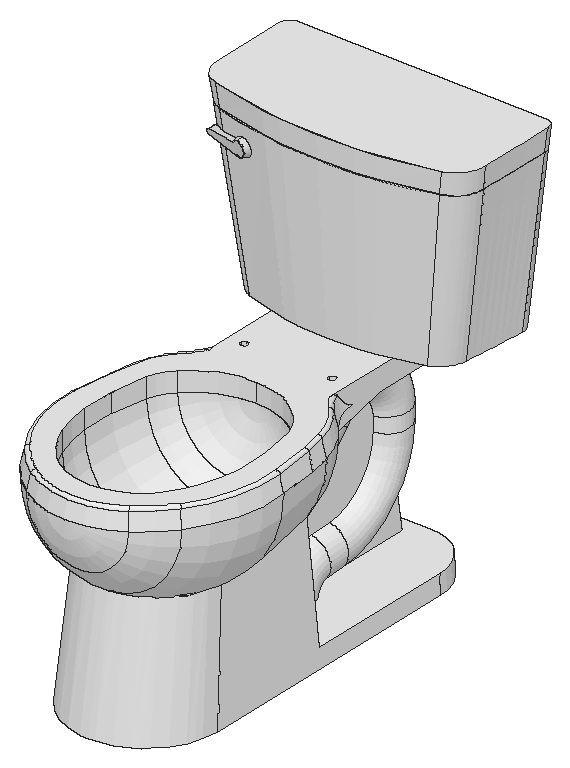
Revit family "Plumbing-Pressure-Assist-Water-Closet-Sloan-Valve-WETS-80098016_", category Plumbing Fixtures, host Face, Revit 2019 (continued)
Automatic sketch dimensions
  Extrusion 16 sketch curve to Extrusion 16 sketch curve = 18.15103"  (x2)
  Extrusion 16 sketch curve to Extrusion 16 sketch curve = 4"  (x2)
  Extrusion 16 sketch curve to Extrusion 16 sketch curve = 2.01849"
  Extrusion 16 sketch curve to Extrusion 16 sketch curve = 0.52667"  (x2)
  Extrusion 16 sketch curve to Extrusion 16 sketch curve = 1.24583"
  Extrusion 16 sketch curve to Extrusion 16 sketch curve = 1.55117"  (x2)
  Extrusion 16 sketch curve to Extrusion 16 sketch curve = 1.66402"
  Extrusion 16 sketch curve to Extrusion 16 sketch curve = 3.26432"
  Extrusion 16 sketch curve to Extrusion 16 sketch curve = 13.39952"
  Extrusion 16 sketch curve to Extrusion 16 sketch curve = 2.22418"  (x2)
  Extrusion 16 sketch curve to Extrusion 16 sketch curve = 0.38996"  (x2)
  Extrusion 16 sketch curve to Extrusion 16 sketch curve = 3.913"
  Extrusion 16 sketch curve to Extrusion 16 sketch curve = 3.98247"
  Extrusion 16 sketch curve to Extrusion 16 sketch curve = 0.39147"  (x2)
  Extrusion 16 sketch curve to Extrusion 16 sketch curve = 2.49844"
  Extrusion 16 sketch curve to Extrusion 16 sketch curve = 4.55398"
  Extrusion 16 sketch curve to Extrusion 16 sketch curve = 0.28975"  (x2)
  plane 7 to Extrusion 17 sketch curve = 15 3/4"
  Extrusion 17 sketch curve to Extrusion 17 sketch curve = 0.92653"
  Extrusion 17 sketch curve to plane 7 = 0.34835"
  Extrusion 17 sketch curve to Extrusion 17 sketch curve = 13 1/4"
  plane 7 to Revolve 18 sketch curve = 18.41431"
  Revolve 18 sketch curve to Revolve 18 sketch curve = 1.21427"
  Revolve 18 sketch curve to Revolve 18 sketch curve = 3.141"
  Revolve 18 sketch curve to Revolve 18 sketch curve = 0.55817"
  Revolve 18 sketch curve to Revolve 18 sketch curve = 4.78572"
  Revolve 18 sketch curve to Revolve 18 sketch curve = 1.12242"
  Revolve 18 sketch curve to Revolve 18 sketch curve = 1.54616"
  Revolve 18 sketch curve to Revolve 18 sketch curve = 1.91616"
  Revolve 18 sketch curve to Revolve 18 sketch curve = 0.22012"
  Revolve 18 sketch curve to Revolve 18 sketch curve = 2.15467"
  Revolve 18 sketch curve to Revolve 18 sketch curve = 4.85057"
  Revolve 18 sketch curve to Revolve 18 sketch curve = 4.53114"
  Revolve 18 sketch curve to Revolve 18 sketch curve = 0"  (x5)
  Revolve 18 sketch curve to Revolve 18 sketch curve = 2.34667"
  Revolve 18 sketch curve to Revolve 18 sketch curve = 1/2"
  Extrusion 19 sketch curve to Extrusion 19 sketch curve = 0"  (x12)
  plane 7 to Extrusion 19 sketch curve = 0"
  plane 7 to Extrusion 19 sketch curve = 6 1/128"  (x2)
  Extrusion 19 sketch curve to Extrusion 19 sketch curve = 1/4"
  Extrusion 19 sketch curve to Extrusion 19 sketch curve = 1/2"
  Extrusion 19 sketch curve to Extrusion 19 sketch curve = 1 3/4"  (x2)
  Extrusion 19 sketch curve to Extrusion 19 sketch curve = 8 3/8"
  Extrusion 19 sketch curve to Extrusion 19 sketch curve = 14 1/4"
  Extrusion 19 sketch curve to Extrusion 19 sketch curve = 1 1/4"
  Extrusion 19 sketch curve to plane 7 = 19.0791"
  plane 7 to Extrusion 20 sketch curve = 11 3/8"
  Extrusion 20 sketch curve to Extrusion 20 sketch curve = 6"
  Extrusion 20 sketch curve to Extrusion 20 sketch curve = 0"
  plane 11 to Blend 21 sketch curve = 23 1/2"
  Blend 21 sketch curve to Blend 21 sketch curve = 3 1/2"  (x2)
  Blend 21 sketch curve to Blend 21 sketch curve = 4 7/8"
  Blend 21 sketch curve to Blend 21 sketch curve = 2 3/4"
  plane 11 to Blend 21 sketch curve = 4 67/128"
  plane 11 to Blend 21 sketch curve = 22.25397"
  plane 11 to Blend 21 sketch curve = 1 3/128"
  Blend 21 sketch curve to Blend 21 sketch curve = 4 5/16"
  Blend 21 sketch curve to Blend 21 sketch curve = 1 5/8"
  plane 11 to Extrusion 22 sketch curve = 13.77953"
  Extrusion 22 sketch curve to Extrusion 22 sketch curve = 5.00662"
  Extrusion 22 sketch curve to Extrusion 22 sketch curve = 1.37144"
  Extrusion 22 sketch curve to Extrusion 22 sketch curve = 0.83072"
  plane 11 to Extrusion 22 sketch curve = 2.01421"
  plane 11 to Extrusion 22 sketch curve = 1.80632"
  Extrusion 22 sketch curve to Extrusion 22 sketch curve = 1.24829"
  Extrusion 22 sketch curve to Extrusion 22 sketch curve = 2.7937"
  plane 11 to Sweep 23 sketch curve = 16.44118"
  plane 11 to Sweep 23 sketch curve = 11 1/4"
  Sweep 23 sketch curve to Sweep 23 sketch curve = 1.57944"
  Sweep 23 sketch curve to Sweep 23 sketch curve = 1.66667"
  Sweep 23 sketch curve to Sweep 23 sketch curve = 1.22254"
  Sweep 23 sketch curve to Sweep 23 sketch curve = 1.50376"
  Sweep 23 sketch curve to Sweep 23 sketch curve = 2.37343"
  Sweep 23 sketch curve to Sweep 23 sketch curve = 3"
  Sweep 23 sketch curve to Sweep 23 sketch curve = 0.23912"
  Sweep 23 sketch curve to Sweep 23 sketch curve = 0.07881"
  Sweep 23 sketch curve to Sweep 23 sketch curve = 2.19457"
  Sweep 23 sketch curve to Sweep 23 sketch curve = 1.02691"
  Sweep 23 sketch curve to Sweep 23 sketch curve = 6.01869"
  Sweep 23 sketch curve to Sweep 23 sketch curve = 5.81653"
  Sweep 23 sketch curve to Sweep 23 sketch curve = 0.44425"
  Sweep 23 sketch curve to Sweep 23 sketch curve = 0"
  Sweep 23 sketch curve to Sweep 23 sketch curve = 1.19248"
  Sweep 23 sketch curve to profile plane = 0"  (x2)
  plane 11 to Extrusion 24 sketch curve = 25.07129"
  Extrusion 24 sketch curve to Extrusion 24 sketch curve = 6.25633"
  Extrusion 24 sketch curve to Extrusion 24 sketch curve = 0.50463"
  Extrusion 24 sketch curve to Extrusion 24 sketch curve = 7.2727"
  Extrusion 24 sketch curve to Extrusion 24 sketch curve = 1.99428"
  Extrusion 24 sketch curve to Extrusion 24 sketch curve = 1.03117"
  plane 11 to Extrusion 24 sketch curve = 2.02153"
  plane 11 to Extrusion 24 sketch curve = 1.93503"
  Extrusion 24 sketch curve to plane 11 = 12.09356"
  Extrusion 24 sketch curve to Extrusion 24 sketch curve = 3.6955"
  Extrusion 24 sketch curve to Extrusion 24 sketch curve = 5.768"
  Extrusion 24 sketch curve to Extrusion 24 sketch curve = 4 19/256"
  Extrusion 24 sketch curve to Extrusion 24 sketch curve = 4.71404"
  Extrusion 24 sketch curve to Extrusion 24 sketch curve = 3.46658"
  Extrusion 24 sketch curve to Extrusion 24 sketch curve = 0.2571"
  Extrusion 24 sketch curve to Extrusion 24 sketch curve = 0"
  plane 8 to Blend 25 sketch curve = 0.21467"
  plane 8 to Blend 25 sketch curve = 0.58558"
  plane 11 to Blend 25 sketch curve = 5/16"
  plane 8 to Blend 25 sketch curve = 0.96182"
  Blend 25 sketch curve to Blend 25 sketch curve = 1.99239"
  plane 8 to Blend 25 sketch curve = 7 15/16"
  plane 9 to Blend 25 sketch curve = 2.57797"
  plane 9 to Blend 25 sketch curve = 0.96182"
  plane 9 to Blend 25 sketch curve = 0.58558"
  plane 9 to Blend 25 sketch curve = 0.21467"
  Blend 25 sketch curve to Blend 25 sketch curve = 3/4"  (x2)
  Blend 25 sketch curve to Blend 25 sketch curve = 4.13053"  (x2)
  Blend 25 sketch curve to Blend 25 sketch curve = 0.17431"  (x2)
  Blend 25 sketch curve to plane 11 = 9.28691"
  Blend 25 sketch curve to Blend 25 sketch curve = 0"  (x2)
  plane 11 to Blend 25 sketch curve = 0"
  plane 11 to Blend 25 sketch curve = 6 1/128"  (x2)
  plane 11 to Blend 25 sketch curve = 3/4"  (x2)
  Blend 25 sketch curve to Blend 25 sketch curve = 2"
  Blend 25 sketch curve to Blend 25 sketch curve = 8 3/8"
  Blend 25 sketch curve to Blend 25 sketch curve = 14 1/4"
  Blend 25 sketch curve to Blend 25 sketch curve = 1 1/4"
  Blend 25 sketch curve to plane 11 = 19.0791"
  Extrusion 26 sketch curve to Extrusion 26 sketch curve = 2.41998"
  Extrusion 26 sketch curve to Extrusion 26 sketch curve = 0.01099"
  Extrusion 26 sketch curve to Extrusion 26 sketch curve = 0.0192"
  Extrusion 26 sketch curve to Extrusion 26 sketch curve = 0.16999"
  Extrusion 26 sketch curve to Extrusion 26 sketch curve = 0.15715"
  Extrusion 26 sketch curve to Extrusion 26 sketch curve = 0.78299"
  Revolve 27 sketch curve to Revolve 27 sketch curve = 0.48262"
  Revolve 27 sketch curve to Revolve 27 sketch curve = 1/2"
  Revolve 27 sketch curve to Revolve 27 sketch curve = 0.47889"
  Revolve 27 sketch curve to Revolve 27 sketch curve = 0.02676"
  Revolve 27 sketch curve to Revolve 27 sketch curve = 0.15681"
  Revolve 27 sketch curve to Revolve 27 sketch curve = 0"  (x2)
  Revolve 27 sketch curve to Revolve 27 sketch curve = 0.11261"
  plane 11 to Revolve 28 sketch curve = 18.41431"
  Revolve 28 sketch curve to Revolve 28 sketch curve = 0.38226"
  Revolve 28 sketch curve to Revolve 28 sketch curve = 213/256"
  Revolve 28 sketch curve to Revolve 28 sketch curve = 0"  (x10)
  Revolve 28 sketch curve to Revolve 28 sketch curve = 1.55117"
  Revolve 28 sketch curve to Revolve 28 sketch curve = 0.52667"
  Revolve 28 sketch curve to Revolve 28 sketch curve = 1.06316"
  Revolve 28 sketch curve to Revolve 28 sketch curve = 0.55817"
  Revolve 28 sketch curve to Revolve 28 sketch curve = 4.78572"
  Revolve 28 sketch curve to Revolve 28 sketch curve = 17.76248"
  Revolve 28 sketch curve to Revolve 28 sketch curve = 1.12242"
  Revolve 28 sketch curve to Revolve 28 sketch curve = 1.54616"
  Revolve 28 sketch curve to Revolve 28 sketch curve = 1.91616"
  Revolve 28 sketch curve to Revolve 28 sketch curve = 0.22012"
  Revolve 28 sketch curve to Revolve 28 sketch curve = 0.002"
  Revolve 28 sketch curve to Revolve 28 sketch curve = 0.38996"
  Revolve 28 sketch curve to Revolve 28 sketch curve = 2.4971"
  Revolve 28 sketch curve to Revolve 28 sketch curve = 1.76271"
  Revolve 28 sketch curve to Revolve 28 sketch curve = 0.46147"
  Revolve 28 sketch curve to Revolve 28 sketch curve = 1.76813"
  Revolve 28 sketch curve to Revolve 28 sketch curve = 2.37097"
  Revolve 28 sketch curve to Revolve 28 sketch curve = 1.94676"
  Revolve 28 sketch curve to Revolve 28 sketch curve = 0.65231"
  Revolve 28 sketch curve to Revolve 28 sketch curve = 3.62883"
  Revolve 28 sketch curve to Revolve 28 sketch curve = 2.41279"
  Revolve 28 sketch curve to Revolve 28 sketch curve = 0.18389"
  Revolve 28 sketch curve to Revolve 28 sketch curve = 1/2"
  Extrusion 29 sketch curve to Extrusion 29 sketch curve = 0.67182"
  Extrusion 29 sketch curve to Extrusion 29 sketch curve = 1.77234"
  Extrusion 29 sketch curve to Extrusion 29 sketch curve = 1.545"  (x2)
  Extrusion 29 sketch curve to Extrusion 29 sketch curve = 93/128"
  Extrusion 29 sketch curve to Extrusion 29 sketch curve = 0.40828"
  Extrusion 29 sketch curve to Extrusion 29 sketch curve = 2.54228"
  Extrusion 29 sketch curve to Extrusion 29 sketch curve = 2.74948"
  Blend 30 sketch curve to Blend 30 sketch curve = 0.99706"
  Blend 30 sketch curve to Blend 30 sketch curve = 0.24541"
  Blend 30 sketch curve to Blend 30 sketch curve = 1 13/16"
  Blend 30 sketch curve to Blend 30 sketch curve = 0.37271"
  Blend 31 sketch curve to Blend 31 sketch curve = 1 13/16"  (x2)
  Blend 31 sketch curve to Blend 31 sketch curve = 0.37271"
  Blend 31 sketch curve to Blend 31 sketch curve = 1.15396"
  plane 11 to Sweep 32 sketch curve = 26.57715"
  Sweep 32 sketch curve to Sweep 32 sketch curve = 9.12902"
  Sweep 32 sketch curve to Sweep 32 sketch curve = 0.84594"
  Sweep 32 sketch curve to Sweep 32 sketch curve = 3.46596"
  Sweep 32 sketch curve to Sweep 32 sketch curve = 1.9345"
  Sweep 32 sketch curve to Sweep 32 sketch curve = 0.18533"
  Sweep 32 sketch curve to Sweep 32 sketch curve = 1.3913"
  Sweep 32 sketch curve to Sweep 32 sketch curve = 1.1687"
  Sweep 32 sketch curve to Sweep 32 sketch curve = 3.42714"
  Sweep 32 sketch curve to Sweep 32 sketch curve = 1.86098"
  Sweep 32 sketch curve to Sweep 32 sketch curve = 1.34254"
  Sweep 32 sketch curve to Sweep 32 sketch curve = 1.96082"
  Sweep 32 sketch curve to Sweep 32 sketch curve = 0"  (x3)
  Sweep 32 sketch curve to Sweep 32 sketch curve = 2.59819"
  Sweep 32 sketch curve to profile plane = 0"
  Sweep 32 sketch curve to profile plane = 0.99706"  (x2)
  Sweep 33 sketch curve to Sweep 33 sketch curve = 0"  (x10)
  Sweep 33 sketch curve to plane 10 = 0"  (x4)
  plane 10 to Sweep 33 sketch curve = 5.70094"  (x2)
  plane 11 to Sweep 33 sketch curve = 10.88962"
  Sweep 33 sketch curve to Sweep 33 sketch curve = 18.15103"  (x2)
  Sweep 33 sketch curve to Sweep 33 sketch curve = 4"  (x2)
  Sweep 33 sketch curve to Sweep 33 sketch curve = 2.01849"
  Sweep 33 sketch curve to Sweep 33 sketch curve = 0.52667"  (x2)
  Sweep 33 sketch curve to Sweep 33 sketch curve = 1.24583"
  Sweep 33 sketch curve to Sweep 33 sketch curve = 1.55117"  (x2)
  Sweep 33 sketch curve to Sweep 33 sketch curve = 1.66402"
  Sweep 33 sketch curve to Sweep 33 sketch curve = 3.26432"
  plane 10 to Sweep 33 sketch curve = 4.99179"
  Sweep 33 sketch curve to Sweep 33 sketch curve = 2.22418"
  Sweep 33 sketch curve to Sweep 33 sketch curve = 0.38996"  (x2)
  Sweep 33 sketch curve to Sweep 33 sketch curve = 3.913"
  Sweep 33 sketch curve to Sweep 33 sketch curve = 6.87238"
  Sweep 33 sketch curve to Sweep 33 sketch curve = 5.26793"
  Sweep 33 sketch curve to Sweep 33 sketch curve = 0.29604"  (x2)
  Sweep 33 sketch curve to Sweep 33 sketch curve = 4.31887"  (x2)
  Sweep 33 sketch curve to profile plane = 0"
  Sweep 33 sketch curve to profile plane = 0.25828"
  Sweep 33 sketch curve to Sweep 33 sketch curve = 0.24359"
  Sweep 33 sketch curve to profile plane = 0.71616"
  profile plane to Sweep 33 sketch curve = 14 3/16"
  Sweep 33 sketch curve to Sweep 33 sketch curve = 1 1/16"
  Sweep 33 sketch curve to Sweep 33 sketch curve = 0.05624"
  Extrusion 34 sketch curve to Extrusion 34 sketch curve = 0"  (x18)
  plane 11 to Extrusion 34 sketch curve = 21.08289"
  Extrusion 34 sketch curve to Extrusion 34 sketch curve = 4.78572"  (x2)
  Extrusion 34 sketch curve to Extrusion 34 sketch curve = 0.55817"  (x2)
  Extrusion 34 sketch curve to Extrusion 34 sketch curve = 1.92673"  (x2)
  Extrusion 34 sketch curve to Extrusion 34 sketch curve = 3.141"
  Extrusion 34 sketch curve to Extrusion 34 sketch curve = 1.21427"  (x2)
  Extrusion 34 sketch curve to Extrusion 34 sketch curve = 0.37"  (x2)
  Extrusion 34 sketch curve to Extrusion 34 sketch curve = 0.22012"  (x2)
  Extrusion 34 sketch curve to Extrusion 34 sketch curve = 2.15467"
  Extrusion 34 sketch curve to Extrusion 34 sketch curve = 2.13627"
  Extrusion 34 sketch curve to Extrusion 34 sketch curve = 1.12242"  (x2)
  Extrusion 34 sketch curve to Extrusion 34 sketch curve = 1.58443"
  Extrusion 34 sketch curve to Extrusion 34 sketch curve = 1.57431"  (x2)
  Extrusion 35 sketch curve to Extrusion 35 sketch curve = 0"  (x13)
  plane 11 to Extrusion 35 sketch curve = 23.57999"  (x2)
  plane 11 to Extrusion 35 sketch curve = 10.88962"
  Extrusion 35 sketch curve to Extrusion 35 sketch curve = 18.15103"  (x2)
  Extrusion 35 sketch curve to Extrusion 35 sketch curve = 4"  (x2)
  Extrusion 35 sketch curve to Extrusion 35 sketch curve = 2.01849"
  Extrusion 35 sketch curve to Extrusion 35 sketch curve = 0.52667"  (x2)
  Extrusion 35 sketch curve to Extrusion 35 sketch curve = 1.24583"
  Extrusion 35 sketch curve to Extrusion 35 sketch curve = 1.55117"  (x2)
  Extrusion 35 sketch curve to Extrusion 35 sketch curve = 1.66402"
  Extrusion 35 sketch curve to Extrusion 35 sketch curve = 3.26432"
  Extrusion 35 sketch curve to Extrusion 35 sketch curve = 13.39952"
  Extrusion 35 sketch curve to Extrusion 35 sketch curve = 2.22418"  (x2)
  Extrusion 35 sketch curve to Extrusion 35 sketch curve = 0.38996"  (x2)
  Extrusion 35 sketch curve to Extrusion 35 sketch curve = 3.913"
  Extrusion 35 sketch curve to Extrusion 35 sketch curve = 3.98247"
  Extrusion 35 sketch curve to Extrusion 35 sketch curve = 0.39147"  (x2)
  Extrusion 35 sketch curve to Extrusion 35 sketch curve = 2.49844"
  Extrusion 35 sketch curve to Extrusion 35 sketch curve = 4.55398"
  Extrusion 35 sketch curve to Extrusion 35 sketch curve = 0.28975"  (x2)
  plane 11 to Extrusion 36 sketch curve = 15 3/4"
  Extrusion 36 sketch curve to Extrusion 36 sketch curve = 0.92653"
  Extrusion 36 sketch curve to plane 11 = 0.34835"
  Extrusion 36 sketch curve to Extrusion 36 sketch curve = 13 1/4"
  plane 11 to Revolve 37 sketch curve = 18.41431"
  Revolve 37 sketch curve to Revolve 37 sketch curve = 1.21427"
  Revolve 37 sketch curve to Revolve 37 sketch curve = 3.141"
  Revolve 37 sketch curve to Revolve 37 sketch curve = 0.55817"
  Revolve 37 sketch curve to Revolve 37 sketch curve = 4.78572"
  Revolve 37 sketch curve to Revolve 37 sketch curve = 1.12242"
  Revolve 37 sketch curve to Revolve 37 sketch curve = 1.54616"
  Revolve 37 sketch curve to Revolve 37 sketch curve = 1.91616"
  Revolve 37 sketch curve to Revolve 37 sketch curve = 0.22012"
  Revolve 37 sketch curve to Revolve 37 sketch curve = 2.15467"
  Revolve 37 sketch curve to Revolve 37 sketch curve = 4.85057"
  Revolve 37 sketch curve to Revolve 37 sketch curve = 4.53114"
  Revolve 37 sketch curve to Revolve 37 sketch curve = 0"  (x5)
  Revolve 37 sketch curve to Revolve 37 sketch curve = 2.34667"
  Revolve 37 sketch curve to Revolve 37 sketch curve = 1/2"
  Extrusion 38 sketch curve to Extrusion 38 sketch curve = 0"  (x12)
  plane 11 to Extrusion 38 sketch curve = 0"
  plane 11 to Extrusion 38 sketch curve = 6 1/128"  (x2)
  Extrusion 38 sketch curve to Extrusion 38 sketch curve = 1/4"
  Extrusion 38 sketch curve to Extrusion 38 sketch curve = 1/2"
  Extrusion 38 sketch curve to Extrusion 38 sketch curve = 1 3/4"  (x2)
  Extrusion 38 sketch curve to Extrusion 38 sketch curve = 8 3/8"
  Extrusion 38 sketch curve to Extrusion 38 sketch curve = 14 1/4"
  Extrusion 38 sketch curve to Extrusion 38 sketch curve = 1 1/4"
  Extrusion 38 sketch curve to plane 11 = 19.0791"
  plane 11 to Extrusion 39 sketch curve = 11 3/8"
  Extrusion 39 sketch curve to Extrusion 39 sketch curve = 6"
  Extrusion 39 sketch curve to Extrusion 39 sketch curve = 0"
  radius of Sweep 3 sketch curve = 1 1/2"
  radius of Extrusion 20 sketch curve = 1/4"  (x2)
  radius of Sweep 23 sketch curve = 1 1/2"
  radius of Extrusion 39 sketch curve = 1/4"  (x2)
Connectors
  piping at (-152.4, 0, 254), diameter 12.7, driven by "CWFU", driven by "Cold Water Connection Diameter", driven by "Cold Water Connector Description", driven by "Valve Pressure Drop"
    settings: on Extrusion 5, index 3, connector inside diameter 1/2", connector length 0", flow factor 0, pipe flow 0 GPM, pressure drop 0.00 psi, fitting loss kfactor 0, connector angle 0.00°, fixture units 10, engagement length 0", angle of deflection 0.00°, flow configuration 3, flow direction 1, fitting loss method 4, system type 20, joint type 0, gender type 0, connector reference index -1, connector utility 0, adjustable connector no, is connector primary yes, connector description "Cold Water Connector d1/2\""
  piping at (0, -304.8, 0), diameter 53.975, driven by "Sanitary Drain Connection Diameter", driven by "Sanitary Drain Connector Description", driven by "WFU"
    settings: on Sweep 3, index 4, connector inside diameter 24", connector length 0", flow factor 0, pipe flow 0 GPM, pressure drop 0.00 psi, fitting loss kfactor 0, connector angle 0.00°, fixture units 10, engagement length 0", angle of deflection 0.00°, flow configuration 3, flow direction 2, fitting loss method 0, system type 16, joint type 0, gender type 0, connector reference index -1, connector utility 0, adjustable connector no, is connector primary no, connector description "Sanitary Drain Connector d2 1/8\""
Types (4): name | Water Closet Code | Product Material | Part Number | Model | Description
  (no name) | "2108009" | Sloan Valve - Vitreous China - White | "WETS-8009.8016" | "WETS-8009.8016" | "Floor-Mounted 1.0 gpf (3.8 Lpf) 12\" Rough-in Pressure-Assisted/Tank Toilet."
  WETS-8009.8016 | "2108009" | Sloan Valve - Vitreous China - White | "WETS-8009.8016" | "WETS-8009.8016" | "Floor-Mounted 1.0 gpf (3.8 Lpf) 12\" Rough-in Pressure-Assisted/Tank Toilet."
  WETS-8009.8016-BAA | "2108009" | Sloan Valve - Vitreous China - White | "80098016" | "WETS-8009.8016-BAA" | "Floor-Mounted 1.0 gpf (3.8 Lpf) 12\" Rough-in Pressure-Assisted/Tank Toilet."
  WETS-8009.8016-STG | "2178009" | Sloan Valve - Vitreous China - SloanTec Glaze White | "WETS-8009.8016-STG" | "WETS-8009.8016-STG" | "Floor-Mounted 1.0 gpf (3.8 Lpf) 12\" Rough-in Pressure-Assisted/Tank Toilet with SloanTec® Glaze."
